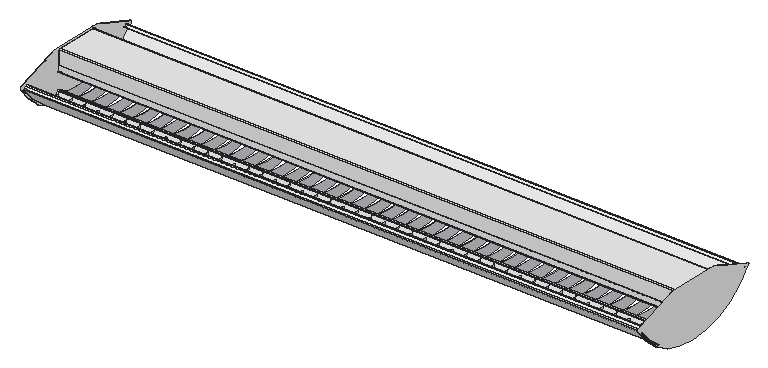
Revit family "LCBA46", category Lighting Fixtures, host Ceiling, Revit 2019
Family settings
  Host = Ceiling
  Round Connector Dimension = Use Diameter
  Part Type = Normal
  OmniClass Number = 23.80.70.11.14.17
  OmniClass Title = Direct/Indirect
  Always vertical = Yes
  Cut with Voids When Loaded = No
  Light Source = Yes
  Shared = No
  Room Calculation Point = No
Parameters (values of type "LCBA46-LED840K035LUNV")
  Width = 0' - 10 1/4"
  Wattage = 32 W
  built-in parameter 1150110 = 1 (stored number, unit not read)
  Voltage = 120 V
  URL = "https://www.viscor.com/en/products/lcba"
  built-in parameter 1114217 = 0.9 (stored number, unit not read)
  Tilt Angle = 180.00°  # constant formula
  built-in parameter 1150109 = 1 (stored number, unit not read)
  built-in parameter 1150134 = 12
  built-in parameter 1150113 = 1 (stored number, unit not read)
  Photometric Web File = "LCBA46-LED840K035LUNV.IES"
  Model = "LCBA"  # constant formula
  Manufacturer = "VISIONEERING by VISCOR"  # constant formula
  Lumens = 3648 lm
  built-in parameter 1150115 = 1 (stored number, unit not read)
  built-in parameter 1150105 = 290.3 (stored number, unit not read)
  built-in parameter 1150137 = (empty or 0)
  built-in parameter 1150139 = (empty or 0)
  Lens Finish Bottom = Acrylic - Viscor - White Opal
  Length = 3' - 10 1/8"
  Lamp Wattage = 32 VA
  built-in parameter 1150112 = 1 (stored number, unit not read)
  built-in parameter 1150114 = 1 (stored number, unit not read)
  Lamp = "LED"  # constant formula
  built-in parameter 1150132 = (empty or 0)
  built-in parameter 1150102 = (empty or 0)
  built-in parameter 1150138 = (empty or 0)
  built-in parameter 1150107 = 4000 (stored number, unit not read)
  built-in parameter 1150106 = 2.903 (stored number, unit not read)
  Housing Finish = Metal - Viscor - White
  Emit from Line Length = Length  # 3' - 10 1/8"
  built-in parameter 1150104 = 10.591 (stored number, unit not read)
  Dimming Lamp Color Temperature Shift = <None>
  Description = "LED Commercial Basket A"  # constant formula
  Color Filter = 16777215
  built-in parameter 1114218 = 1 (stored number, unit not read)
  built-in parameter 1150133 = 10 (stored number, unit not read)
  Assembly Code = "D5020200"
  Apparent Load = Lamp Wattage  # 32 VA
Reference planes (in)
  plane 1 "Light Source Axis (F/B)": y = 0
  plane 2 "Ceiling": z = 96
  plane 3 "Light Source Axis (L/R)": x = 0
  plane 4 "Light Source Elevation": z = 71.875
  plane 5: x = -23.0625
  plane 6: x = 23.0625
  plane 7: y = 5.125
  plane 8: y = -5.125
  plane 9: x = -23.03125
  plane 10: x = 23.03125
  plane 11: x = -23
  plane 12: x = 23
  plane 13 "Start of Divider": x = 22.872
  plane 14: x = -22.871
Forms (in)
  Extrusion 1, solid, material "Metal - Viscor - White" <- "Housing Finish"
    sketch origin (0, 0, 0) x (0, 1, 0) y (0, 0, 1)
      loop
        line (5.06335, 74.73874) -> (2.37456, 75.72228)
        arc (2.37456, 75.72228) -> (2.03638, 75.81334) -> (1.6875, 75.844) r 2
        line (1.6875, 75.844) -> (-1.6875, 75.844)
        arc (-1.6875, 75.844) -> (-2.03638, 75.81334) -> (-2.37456, 75.72228) r 2
        line (-2.37456, 75.72228) -> (-5.06335, 74.73874)
        arc (-5.06335, 74.73874) -> (-5.13905, 74.66071) -> (-5.125, 74.5529) r 0.125
        arc (-5.125, 74.5529) -> (0, 71.782) -> (5.125, 74.5529) r 6.125
        arc (5.125, 74.5529) -> (5.13905, 74.66071) -> (5.06335, 74.73874) r 0.125
    from 23.03125 to 23.0625
  Extrusion 2, solid, material "Metal - Viscor - White" <- "Housing Finish"
    sketch origin (0, 0, 0) x (0, 1, 0) y (0, 0, -1)
      loop
        arc (5.06335, -74.73874) -> (5.13905, -74.66071) -> (5.125, -74.5529) r 0.125
        arc (5.125, -74.5529) -> (0, -71.782) -> (-5.125, -74.5529) r 6.125
        arc (-5.125, -74.5529) -> (-5.13905, -74.66071) -> (-5.06335, -74.73874) r 0.125
        line (-5.06335, -74.73874) -> (-2.37456, -75.72228)
        arc (-2.37456, -75.72228) -> (-2.03638, -75.81334) -> (-1.6875, -75.844) r 2
        line (-1.6875, -75.844) -> (1.6875, -75.844)
        arc (1.6875, -75.844) -> (2.03638, -75.81334) -> (2.37456, -75.72228) r 2
        line (2.37456, -75.72228) -> (5.06335, -74.73874)
    from 23.03125 to 23.0625
  Extrusion 3, solid, material "Metal - Viscor - White" <- "Housing Finish"
    sketch origin (0, 0, 0) x (0, 1, 0) y (0, 0, 1)
      loop
        line (1.73473, 73.07819) -> (1.58208, 73.04975) -> (1.58781, 73.01903) -> (1.74044, 73.04753)
        arc (1.74044, 73.04753) -> (1.76608, 73.04319) -> (1.78281, 73.02328) r 0.03771
        arc (1.78281, 73.02328) -> (1.90961, 72.67661) -> (2.04199, 72.33203) r 22.82243
        arc (2.04199, 72.33203) -> (2.0801, 72.29314) -> (2.13454, 72.29314) r 0.07026
        arc (2.13454, 72.29314) -> (3.65839, 73.1434) -> (4.85285, 74.41553) r 5.68925
        line (4.85285, 74.41553) -> (4.88773, 74.46651)
        arc (4.88773, 74.46651) -> (4.89929, 74.5161) -> (4.87432, 74.56048) r 0.07025
        line (4.87432, 74.56048) -> (4.71936, 74.68765)
        arc (4.71936, 74.68765) -> (4.68015, 74.70339) -> (4.63901, 74.69379) r 0.07025
        line (4.63901, 74.69379) -> (4.43792, 74.57475) -> (4.45383, 74.54786) -> (4.65493, 74.6669)
        arc (4.65493, 74.6669) -> (4.67777, 74.67223) -> (4.69953, 74.66349) r 0.039
        line (4.69953, 74.66349) -> (4.85449, 74.53632)
        arc (4.85449, 74.53632) -> (4.86836, 74.51169) -> (4.86194, 74.48415) r 0.039
        line (4.86194, 74.48415) -> (4.82706, 74.43317)
        arc (4.82706, 74.43317) -> (3.63876, 73.16772) -> (2.12272, 72.32209) r 5.658
        arc (2.12272, 72.32209) -> (2.09232, 72.32193) -> (2.07103, 72.34364) r 0.039
        arc (2.07103, 72.34364) -> (1.93876, 72.68793) -> (1.81207, 73.03432) r 22.79117
        arc (1.81207, 73.03432) -> (1.78141, 73.07037) -> (1.73473, 73.07819) r 0.069
    from -23.03125 to 23.03125
  Extrusion 4, solid, material "Metal - Viscor - White" <- "Housing Finish"
    sketch origin (0, 0, 0) x (0, 1, 0) y (0, 0, 1)
      loop
        arc (-4.87352, 74.55951) -> (-4.89741, 74.51969) -> (-4.89066, 74.47375) r 0.069
        arc (-4.89066, 74.47375) -> (-3.68477, 73.16571) -> (-2.13376, 72.29419) r 5.688
        arc (-2.13376, 72.29419) -> (-2.08037, 72.29441) -> (-2.04312, 72.33266) r 0.069
        arc (-2.04312, 72.33266) -> (-1.91079, 72.67708) -> (-1.78402, 73.02368) r 22.82117
        arc (-1.78402, 73.02368) -> (-1.76486, 73.04539) -> (-1.73602, 73.04791) r 0.039
        line (-1.73602, 73.04791) -> (-1.58758, 73.02026) -> (-1.58185, 73.05098) -> (-1.72886, 73.07837)
        arc (-1.72886, 73.07837) -> (-1.77982, 73.07284) -> (-1.81346, 73.03417) r 0.07025
        arc (-1.81346, 73.03417) -> (-1.94005, 72.68805) -> (-2.07222, 72.34403) r 22.78992
        arc (-2.07222, 72.34403) -> (-2.09281, 72.32307) -> (-2.12226, 72.32325) r 0.03775
        arc (-2.12226, 72.32325) -> (-3.66044, 73.18632) -> (-4.85804, 74.48118) r 5.65675
        arc (-4.85804, 74.48118) -> (-4.86738, 74.50919) -> (-4.8537, 74.53535) r 0.03775
        line (-4.8537, 74.53535) -> (-4.69874, 74.66252)
        arc (-4.69874, 74.66252) -> (-4.67767, 74.67098) -> (-4.65556, 74.66583) r 0.03775
        line (-4.65556, 74.66583) -> (-4.45447, 74.54678) -> (-4.43855, 74.57368) -> (-4.63964, 74.69272)
        arc (-4.63964, 74.69272) -> (-4.68006, 74.70214) -> (-4.71857, 74.68668) r 0.069
        line (-4.71857, 74.68668) -> (-4.87352, 74.55951)
    from -23.03125 to 23.03125
  Extrusion 5, solid, material "Metal - Viscor - White" <- "Housing Finish"
    sketch origin (0, 0, 0) x (0, 1, 0) y (0, 0, 1)
      loop
        line (1.556, 75.782) -> (-1.556, 75.782)
        arc (-1.556, 75.782) -> (-1.60479, 75.76179) -> (-1.625, 75.713) r 0.069
        line (-1.625, 75.713) -> (-1.625, 74.251) -> (-1.59375, 74.251) -> (-1.59375, 75.713)
        arc (-1.59375, 75.713) -> (-1.58269, 75.73969) -> (-1.556, 75.75075) r 0.03775
        line (-1.556, 75.75075) -> (1.556, 75.75075)
        arc (1.556, 75.75075) -> (1.58269, 75.73969) -> (1.59375, 75.713) r 0.03775
        line (1.59375, 75.713) -> (1.59375, 74.251) -> (1.625, 74.251) -> (1.625, 75.713)
        arc (1.625, 75.713) -> (1.60479, 75.76179) -> (1.556, 75.782) r 0.069
    from -23.03125 to 23.03125
  Extrusion 6, solid
    sketch origin (0, 0, 0) x (0, 1, 0) y (0, 0, 1)
      loop
        line (1.59375, 74.251) -> (1.59375, 75.713)
        arc (1.59375, 75.713) -> (1.58269, 75.73969) -> (1.556, 75.75075) r 0.03775
        line (1.556, 75.75075) -> (-1.556, 75.75075)
        arc (-1.556, 75.75075) -> (-1.58269, 75.73969) -> (-1.59375, 75.713) r 0.03775
        line (-1.59375, 75.713) -> (-1.59375, 74.251) -> (1.59375, 74.251)
    from 23 to 23.03125
  Extrusion 7, solid, material "Metal - Viscor - White" <- "Housing Finish"
    sketch origin (0, 0, 0) x (0, 1, 0) y (0, 0, -1)
      loop
        line (1.59375, -74.251) -> (-1.59375, -74.251) -> (-1.59375, -75.713)
        arc (-1.59375, -75.713) -> (-1.58269, -75.73969) -> (-1.556, -75.75075) r 0.03775
        line (-1.556, -75.75075) -> (1.556, -75.75075)
        arc (1.556, -75.75075) -> (1.58269, -75.73969) -> (1.59375, -75.713) r 0.03775
        line (1.59375, -75.713) -> (1.59375, -74.251)
    from 23 to 23.03125
  Extrusion 8, solid, material "Metal - Viscor - White" <- "Housing Finish"
    sketch origin (0, 0, 0) x (0, 1, 0) y (0, 0, 1)
      loop
        arc (1.6575, 74.29) -> (1.64608, 74.26242) -> (1.6185, 74.251) r 0.039
        line (1.6185, 74.251) -> (-1.6185, 74.251)
        arc (-1.6185, 74.251) -> (-1.64608, 74.26242) -> (-1.6575, 74.29) r 0.039
        line (-1.6575, 74.29) -> (-1.6575, 74.721) -> (-1.68875, 74.721) -> (-1.68875, 74.29)
        arc (-1.68875, 74.29) -> (-1.66817, 74.24033) -> (-1.6185, 74.21975) r 0.07025
        line (-1.6185, 74.21975) -> (1.6185, 74.21975)
        arc (1.6185, 74.21975) -> (1.66817, 74.24033) -> (1.68875, 74.29) r 0.07025
        line (1.68875, 74.29) -> (1.68875, 74.721) -> (1.6575, 74.721) -> (1.6575, 74.29)
    from -23 to 23
  Extrusion 9, solid
    sketch origin (0, 0, 0) x (0, 1, 0) y (0, 0, 1)
      loop
        line (1.90213, 72.88295) -> (1.84484, 72.86147) -> (1.81268, 72.94364)
        arc (1.81268, 72.94364) -> (-0.00072, 72.65579) -> (-1.81406, 72.94408) r 5.85148
        line (-1.81406, 72.94408) -> (-1.84484, 72.86147) -> (-1.90362, 72.88351)
        arc (-1.90362, 72.88351) -> (-1.99875, 72.88023) -> (-2.06363, 72.81059) r 0.12422
        line (-2.06363, 72.81059) -> (-2.1814, 72.49647)
        arc (-2.1814, 72.49647) -> (-2.17546, 72.44135) -> (-2.12767, 72.41325) r 0.0617
        line (-2.12767, 72.41325) -> (-2.01335, 72.41202) -> (-2.05986, 72.27994)
        arc (-2.05986, 72.27994) -> (0.00142, 71.9068) -> (2.06251, 72.28094) r 5.872
        line (2.06251, 72.28094) -> (2.01335, 72.41202) -> (2.1241, 72.41309)
        arc (2.1241, 72.41309) -> (2.17511, 72.4409) -> (2.18051, 72.49874) r 0.0618
        line (2.18051, 72.49874) -> (2.06311, 72.81193)
        arc (2.06311, 72.81193) -> (1.99756, 72.88131) -> (1.90213, 72.88295) r 0.12304
    from 22.84 to 22.872
  Extrusion 10, solid
    sketch origin (-45.75, 0, 0) x (0, 1, 0) y (0, 0, 1)
      loop
        line (1.90213, 72.88295) -> (1.84484, 72.86147) -> (1.81268, 72.94364)
        arc (1.81268, 72.94364) -> (-0.00072, 72.65579) -> (-1.81406, 72.94408) r 5.85148
        line (-1.81406, 72.94408) -> (-1.84484, 72.86147) -> (-1.90362, 72.88351)
        arc (-1.90362, 72.88351) -> (-1.99875, 72.88023) -> (-2.06363, 72.81059) r 0.12422
        line (-2.06363, 72.81059) -> (-2.1814, 72.49647)
        arc (-2.1814, 72.49647) -> (-2.17546, 72.44135) -> (-2.12767, 72.41325) r 0.0617
        line (-2.12767, 72.41325) -> (-2.01335, 72.41202) -> (-2.05986, 72.27994)
        arc (-2.05986, 72.27994) -> (0.00142, 71.9068) -> (2.06251, 72.28094) r 5.872
        line (2.06251, 72.28094) -> (2.01335, 72.41202) -> (2.1241, 72.41309)
        arc (2.1241, 72.41309) -> (2.17511, 72.4409) -> (2.18051, 72.49874) r 0.0618
        line (2.18051, 72.49874) -> (2.06311, 72.81193)
        arc (2.06311, 72.81193) -> (1.99756, 72.88131) -> (1.90213, 72.88295) r 0.12304
    from 22.84 to 22.872
  Extrusion 11, solid
    sketch origin (-1.01667, 0, 0) x (0, 1, 0) y (0, 0, 1)
      loop
        line (1.90213, 72.88295) -> (1.84484, 72.86147) -> (1.81268, 72.94364)
        arc (1.81268, 72.94364) -> (-0.00072, 72.65579) -> (-1.81406, 72.94408) r 5.85148
        line (-1.81406, 72.94408) -> (-1.84484, 72.86147) -> (-1.90362, 72.88351)
        arc (-1.90362, 72.88351) -> (-1.99875, 72.88023) -> (-2.06363, 72.81059) r 0.12422
        line (-2.06363, 72.81059) -> (-2.1814, 72.49647)
        arc (-2.1814, 72.49647) -> (-2.17546, 72.44135) -> (-2.12767, 72.41325) r 0.0617
        line (-2.12767, 72.41325) -> (-2.01335, 72.41202) -> (-2.05986, 72.27994)
        arc (-2.05986, 72.27994) -> (0.00142, 71.9068) -> (2.06251, 72.28094) r 5.872
        line (2.06251, 72.28094) -> (2.01335, 72.41202) -> (2.1241, 72.41309)
        arc (2.1241, 72.41309) -> (2.17511, 72.4409) -> (2.18051, 72.49874) r 0.0618
        line (2.18051, 72.49874) -> (2.06311, 72.81193)
        arc (2.06311, 72.81193) -> (1.99756, 72.88131) -> (1.90213, 72.88295) r 0.12304
    from 22.84 to 22.872
  Extrusion 12, solid
    sketch origin (-2.03333, 0, 0) x (0, 1, 0) y (0, 0, 1)
      loop
        line (1.90213, 72.88295) -> (1.84484, 72.86147) -> (1.81268, 72.94364)
        arc (1.81268, 72.94364) -> (-0.00072, 72.65579) -> (-1.81406, 72.94408) r 5.85148
        line (-1.81406, 72.94408) -> (-1.84484, 72.86147) -> (-1.90362, 72.88351)
        arc (-1.90362, 72.88351) -> (-1.99875, 72.88023) -> (-2.06363, 72.81059) r 0.12422
        line (-2.06363, 72.81059) -> (-2.1814, 72.49647)
        arc (-2.1814, 72.49647) -> (-2.17546, 72.44135) -> (-2.12767, 72.41325) r 0.0617
        line (-2.12767, 72.41325) -> (-2.01335, 72.41202) -> (-2.05986, 72.27994)
        arc (-2.05986, 72.27994) -> (0.00142, 71.9068) -> (2.06251, 72.28094) r 5.872
        line (2.06251, 72.28094) -> (2.01335, 72.41202) -> (2.1241, 72.41309)
        arc (2.1241, 72.41309) -> (2.17511, 72.4409) -> (2.18051, 72.49874) r 0.0618
        line (2.18051, 72.49874) -> (2.06311, 72.81193)
        arc (2.06311, 72.81193) -> (1.99756, 72.88131) -> (1.90213, 72.88295) r 0.12304
    from 22.84 to 22.872
  Extrusion 13, solid
    sketch origin (-3.05, 0, 0) x (0, 1, 0) y (0, 0, 1)
      loop
        line (1.90213, 72.88295) -> (1.84484, 72.86147) -> (1.81268, 72.94364)
        arc (1.81268, 72.94364) -> (-0.00072, 72.65579) -> (-1.81406, 72.94408) r 5.85148
        line (-1.81406, 72.94408) -> (-1.84484, 72.86147) -> (-1.90362, 72.88351)
        arc (-1.90362, 72.88351) -> (-1.99875, 72.88023) -> (-2.06363, 72.81059) r 0.12422
        line (-2.06363, 72.81059) -> (-2.1814, 72.49647)
        arc (-2.1814, 72.49647) -> (-2.17546, 72.44135) -> (-2.12767, 72.41325) r 0.0617
        line (-2.12767, 72.41325) -> (-2.01335, 72.41202) -> (-2.05986, 72.27994)
        arc (-2.05986, 72.27994) -> (0.00142, 71.9068) -> (2.06251, 72.28094) r 5.872
        line (2.06251, 72.28094) -> (2.01335, 72.41202) -> (2.1241, 72.41309)
        arc (2.1241, 72.41309) -> (2.17511, 72.4409) -> (2.18051, 72.49874) r 0.0618
        line (2.18051, 72.49874) -> (2.06311, 72.81193)
        arc (2.06311, 72.81193) -> (1.99756, 72.88131) -> (1.90213, 72.88295) r 0.12304
    from 22.84 to 22.872
  Extrusion 14, solid
    sketch origin (-4.06667, 0, 0) x (0, 1, 0) y (0, 0, 1)
      loop
        line (1.90213, 72.88295) -> (1.84484, 72.86147) -> (1.81268, 72.94364)
        arc (1.81268, 72.94364) -> (-0.00072, 72.65579) -> (-1.81406, 72.94408) r 5.85148
        line (-1.81406, 72.94408) -> (-1.84484, 72.86147) -> (-1.90362, 72.88351)
        arc (-1.90362, 72.88351) -> (-1.99875, 72.88023) -> (-2.06363, 72.81059) r 0.12422
        line (-2.06363, 72.81059) -> (-2.1814, 72.49647)
        arc (-2.1814, 72.49647) -> (-2.17546, 72.44135) -> (-2.12767, 72.41325) r 0.0617
        line (-2.12767, 72.41325) -> (-2.01335, 72.41202) -> (-2.05986, 72.27994)
        arc (-2.05986, 72.27994) -> (0.00142, 71.9068) -> (2.06251, 72.28094) r 5.872
        line (2.06251, 72.28094) -> (2.01335, 72.41202) -> (2.1241, 72.41309)
        arc (2.1241, 72.41309) -> (2.17511, 72.4409) -> (2.18051, 72.49874) r 0.0618
        line (2.18051, 72.49874) -> (2.06311, 72.81193)
        arc (2.06311, 72.81193) -> (1.99756, 72.88131) -> (1.90213, 72.88295) r 0.12304
    from 22.84 to 22.872
  Extrusion 15, solid
    sketch origin (-5.08333, 0, 0) x (0, 1, 0) y (0, 0, 1)
      loop
        line (1.90213, 72.88295) -> (1.84484, 72.86147) -> (1.81268, 72.94364)
        arc (1.81268, 72.94364) -> (-0.00072, 72.65579) -> (-1.81406, 72.94408) r 5.85148
        line (-1.81406, 72.94408) -> (-1.84484, 72.86147) -> (-1.90362, 72.88351)
        arc (-1.90362, 72.88351) -> (-1.99875, 72.88023) -> (-2.06363, 72.81059) r 0.12422
        line (-2.06363, 72.81059) -> (-2.1814, 72.49647)
        arc (-2.1814, 72.49647) -> (-2.17546, 72.44135) -> (-2.12767, 72.41325) r 0.0617
        line (-2.12767, 72.41325) -> (-2.01335, 72.41202) -> (-2.05986, 72.27994)
        arc (-2.05986, 72.27994) -> (0.00142, 71.9068) -> (2.06251, 72.28094) r 5.872
        line (2.06251, 72.28094) -> (2.01335, 72.41202) -> (2.1241, 72.41309)
        arc (2.1241, 72.41309) -> (2.17511, 72.4409) -> (2.18051, 72.49874) r 0.0618
        line (2.18051, 72.49874) -> (2.06311, 72.81193)
        arc (2.06311, 72.81193) -> (1.99756, 72.88131) -> (1.90213, 72.88295) r 0.12304
    from 22.84 to 22.872
  Extrusion 16, solid
    sketch origin (-6.1, 0, 0) x (0, 1, 0) y (0, 0, 1)
      loop
        line (1.90213, 72.88295) -> (1.84484, 72.86147) -> (1.81268, 72.94364)
        arc (1.81268, 72.94364) -> (-0.00072, 72.65579) -> (-1.81406, 72.94408) r 5.85148
        line (-1.81406, 72.94408) -> (-1.84484, 72.86147) -> (-1.90362, 72.88351)
        arc (-1.90362, 72.88351) -> (-1.99875, 72.88023) -> (-2.06363, 72.81059) r 0.12422
        line (-2.06363, 72.81059) -> (-2.1814, 72.49647)
        arc (-2.1814, 72.49647) -> (-2.17546, 72.44135) -> (-2.12767, 72.41325) r 0.0617
        line (-2.12767, 72.41325) -> (-2.01335, 72.41202) -> (-2.05986, 72.27994)
        arc (-2.05986, 72.27994) -> (0.00142, 71.9068) -> (2.06251, 72.28094) r 5.872
        line (2.06251, 72.28094) -> (2.01335, 72.41202) -> (2.1241, 72.41309)
        arc (2.1241, 72.41309) -> (2.17511, 72.4409) -> (2.18051, 72.49874) r 0.0618
        line (2.18051, 72.49874) -> (2.06311, 72.81193)
        arc (2.06311, 72.81193) -> (1.99756, 72.88131) -> (1.90213, 72.88295) r 0.12304
    from 22.84 to 22.872
  Extrusion 17, solid
    sketch origin (-7.11667, 0, 0) x (0, 1, 0) y (0, 0, 1)
      loop
        line (1.90213, 72.88295) -> (1.84484, 72.86147) -> (1.81268, 72.94364)
        arc (1.81268, 72.94364) -> (-0.00072, 72.65579) -> (-1.81406, 72.94408) r 5.85148
        line (-1.81406, 72.94408) -> (-1.84484, 72.86147) -> (-1.90362, 72.88351)
        arc (-1.90362, 72.88351) -> (-1.99875, 72.88023) -> (-2.06363, 72.81059) r 0.12422
        line (-2.06363, 72.81059) -> (-2.1814, 72.49647)
        arc (-2.1814, 72.49647) -> (-2.17546, 72.44135) -> (-2.12767, 72.41325) r 0.0617
        line (-2.12767, 72.41325) -> (-2.01335, 72.41202) -> (-2.05986, 72.27994)
        arc (-2.05986, 72.27994) -> (0.00142, 71.9068) -> (2.06251, 72.28094) r 5.872
        line (2.06251, 72.28094) -> (2.01335, 72.41202) -> (2.1241, 72.41309)
        arc (2.1241, 72.41309) -> (2.17511, 72.4409) -> (2.18051, 72.49874) r 0.0618
        line (2.18051, 72.49874) -> (2.06311, 72.81193)
        arc (2.06311, 72.81193) -> (1.99756, 72.88131) -> (1.90213, 72.88295) r 0.12304
    from 22.84 to 22.872
  Extrusion 18, solid
    sketch origin (-8.13333, 0, 0) x (0, 1, 0) y (0, 0, 1)
      loop
        line (1.90213, 72.88295) -> (1.84484, 72.86147) -> (1.81268, 72.94364)
        arc (1.81268, 72.94364) -> (-0.00072, 72.65579) -> (-1.81406, 72.94408) r 5.85148
        line (-1.81406, 72.94408) -> (-1.84484, 72.86147) -> (-1.90362, 72.88351)
        arc (-1.90362, 72.88351) -> (-1.99875, 72.88023) -> (-2.06363, 72.81059) r 0.12422
        line (-2.06363, 72.81059) -> (-2.1814, 72.49647)
        arc (-2.1814, 72.49647) -> (-2.17546, 72.44135) -> (-2.12767, 72.41325) r 0.0617
        line (-2.12767, 72.41325) -> (-2.01335, 72.41202) -> (-2.05986, 72.27994)
        arc (-2.05986, 72.27994) -> (0.00142, 71.9068) -> (2.06251, 72.28094) r 5.872
        line (2.06251, 72.28094) -> (2.01335, 72.41202) -> (2.1241, 72.41309)
        arc (2.1241, 72.41309) -> (2.17511, 72.4409) -> (2.18051, 72.49874) r 0.0618
        line (2.18051, 72.49874) -> (2.06311, 72.81193)
        arc (2.06311, 72.81193) -> (1.99756, 72.88131) -> (1.90213, 72.88295) r 0.12304
    from 22.84 to 22.872
  Extrusion 19, solid
    sketch origin (-9.15, 0, 0) x (0, 1, 0) y (0, 0, 1)
      loop
        line (1.90213, 72.88295) -> (1.84484, 72.86147) -> (1.81268, 72.94364)
        arc (1.81268, 72.94364) -> (-0.00072, 72.65579) -> (-1.81406, 72.94408) r 5.85148
        line (-1.81406, 72.94408) -> (-1.84484, 72.86147) -> (-1.90362, 72.88351)
        arc (-1.90362, 72.88351) -> (-1.99875, 72.88023) -> (-2.06363, 72.81059) r 0.12422
        line (-2.06363, 72.81059) -> (-2.1814, 72.49647)
        arc (-2.1814, 72.49647) -> (-2.17546, 72.44135) -> (-2.12767, 72.41325) r 0.0617
        line (-2.12767, 72.41325) -> (-2.01335, 72.41202) -> (-2.05986, 72.27994)
        arc (-2.05986, 72.27994) -> (0.00142, 71.9068) -> (2.06251, 72.28094) r 5.872
        line (2.06251, 72.28094) -> (2.01335, 72.41202) -> (2.1241, 72.41309)
        arc (2.1241, 72.41309) -> (2.17511, 72.4409) -> (2.18051, 72.49874) r 0.0618
        line (2.18051, 72.49874) -> (2.06311, 72.81193)
        arc (2.06311, 72.81193) -> (1.99756, 72.88131) -> (1.90213, 72.88295) r 0.12304
    from 22.84 to 22.872
  Extrusion 20, solid
    sketch origin (-10.16667, 0, 0) x (0, 1, 0) y (0, 0, 1)
      loop
        line (1.90213, 72.88295) -> (1.84484, 72.86147) -> (1.81268, 72.94364)
        arc (1.81268, 72.94364) -> (-0.00072, 72.65579) -> (-1.81406, 72.94408) r 5.85148
        line (-1.81406, 72.94408) -> (-1.84484, 72.86147) -> (-1.90362, 72.88351)
        arc (-1.90362, 72.88351) -> (-1.99875, 72.88023) -> (-2.06363, 72.81059) r 0.12422
        line (-2.06363, 72.81059) -> (-2.1814, 72.49647)
        arc (-2.1814, 72.49647) -> (-2.17546, 72.44135) -> (-2.12767, 72.41325) r 0.0617
        line (-2.12767, 72.41325) -> (-2.01335, 72.41202) -> (-2.05986, 72.27994)
        arc (-2.05986, 72.27994) -> (0.00142, 71.9068) -> (2.06251, 72.28094) r 5.872
        line (2.06251, 72.28094) -> (2.01335, 72.41202) -> (2.1241, 72.41309)
        arc (2.1241, 72.41309) -> (2.17511, 72.4409) -> (2.18051, 72.49874) r 0.0618
        line (2.18051, 72.49874) -> (2.06311, 72.81193)
        arc (2.06311, 72.81193) -> (1.99756, 72.88131) -> (1.90213, 72.88295) r 0.12304
    from 22.84 to 22.872
  Extrusion 21, solid
    sketch origin (-11.18333, 0, 0) x (0, 1, 0) y (0, 0, 1)
      loop
        line (1.90213, 72.88295) -> (1.84484, 72.86147) -> (1.81268, 72.94364)
        arc (1.81268, 72.94364) -> (-0.00072, 72.65579) -> (-1.81406, 72.94408) r 5.85148
        line (-1.81406, 72.94408) -> (-1.84484, 72.86147) -> (-1.90362, 72.88351)
        arc (-1.90362, 72.88351) -> (-1.99875, 72.88023) -> (-2.06363, 72.81059) r 0.12422
        line (-2.06363, 72.81059) -> (-2.1814, 72.49647)
        arc (-2.1814, 72.49647) -> (-2.17546, 72.44135) -> (-2.12767, 72.41325) r 0.0617
        line (-2.12767, 72.41325) -> (-2.01335, 72.41202) -> (-2.05986, 72.27994)
        arc (-2.05986, 72.27994) -> (0.00142, 71.9068) -> (2.06251, 72.28094) r 5.872
        line (2.06251, 72.28094) -> (2.01335, 72.41202) -> (2.1241, 72.41309)
        arc (2.1241, 72.41309) -> (2.17511, 72.4409) -> (2.18051, 72.49874) r 0.0618
        line (2.18051, 72.49874) -> (2.06311, 72.81193)
        arc (2.06311, 72.81193) -> (1.99756, 72.88131) -> (1.90213, 72.88295) r 0.12304
    from 22.84 to 22.872
  Extrusion 22, solid
    sketch origin (-12.2, 0, 0) x (0, 1, 0) y (0, 0, 1)
      loop
        line (1.90213, 72.88295) -> (1.84484, 72.86147) -> (1.81268, 72.94364)
        arc (1.81268, 72.94364) -> (-0.00072, 72.65579) -> (-1.81406, 72.94408) r 5.85148
        line (-1.81406, 72.94408) -> (-1.84484, 72.86147) -> (-1.90362, 72.88351)
        arc (-1.90362, 72.88351) -> (-1.99875, 72.88023) -> (-2.06363, 72.81059) r 0.12422
        line (-2.06363, 72.81059) -> (-2.1814, 72.49647)
        arc (-2.1814, 72.49647) -> (-2.17546, 72.44135) -> (-2.12767, 72.41325) r 0.0617
        line (-2.12767, 72.41325) -> (-2.01335, 72.41202) -> (-2.05986, 72.27994)
        arc (-2.05986, 72.27994) -> (0.00142, 71.9068) -> (2.06251, 72.28094) r 5.872
        line (2.06251, 72.28094) -> (2.01335, 72.41202) -> (2.1241, 72.41309)
        arc (2.1241, 72.41309) -> (2.17511, 72.4409) -> (2.18051, 72.49874) r 0.0618
        line (2.18051, 72.49874) -> (2.06311, 72.81193)
        arc (2.06311, 72.81193) -> (1.99756, 72.88131) -> (1.90213, 72.88295) r 0.12304
    from 22.84 to 22.872
  Extrusion 23, solid
    sketch origin (-13.21667, 0, 0) x (0, 1, 0) y (0, 0, 1)
      loop
        line (1.90213, 72.88295) -> (1.84484, 72.86147) -> (1.81268, 72.94364)
        arc (1.81268, 72.94364) -> (-0.00072, 72.65579) -> (-1.81406, 72.94408) r 5.85148
        line (-1.81406, 72.94408) -> (-1.84484, 72.86147) -> (-1.90362, 72.88351)
        arc (-1.90362, 72.88351) -> (-1.99875, 72.88023) -> (-2.06363, 72.81059) r 0.12422
        line (-2.06363, 72.81059) -> (-2.1814, 72.49647)
        arc (-2.1814, 72.49647) -> (-2.17546, 72.44135) -> (-2.12767, 72.41325) r 0.0617
        line (-2.12767, 72.41325) -> (-2.01335, 72.41202) -> (-2.05986, 72.27994)
        arc (-2.05986, 72.27994) -> (0.00142, 71.9068) -> (2.06251, 72.28094) r 5.872
        line (2.06251, 72.28094) -> (2.01335, 72.41202) -> (2.1241, 72.41309)
        arc (2.1241, 72.41309) -> (2.17511, 72.4409) -> (2.18051, 72.49874) r 0.0618
        line (2.18051, 72.49874) -> (2.06311, 72.81193)
        arc (2.06311, 72.81193) -> (1.99756, 72.88131) -> (1.90213, 72.88295) r 0.12304
    from 22.84 to 22.872
  Extrusion 24, solid
    sketch origin (-14.23333, 0, 0) x (0, 1, 0) y (0, 0, 1)
      loop
        line (1.90213, 72.88295) -> (1.84484, 72.86147) -> (1.81268, 72.94364)
        arc (1.81268, 72.94364) -> (-0.00072, 72.65579) -> (-1.81406, 72.94408) r 5.85148
        line (-1.81406, 72.94408) -> (-1.84484, 72.86147) -> (-1.90362, 72.88351)
        arc (-1.90362, 72.88351) -> (-1.99875, 72.88023) -> (-2.06363, 72.81059) r 0.12422
        line (-2.06363, 72.81059) -> (-2.1814, 72.49647)
        arc (-2.1814, 72.49647) -> (-2.17546, 72.44135) -> (-2.12767, 72.41325) r 0.0617
        line (-2.12767, 72.41325) -> (-2.01335, 72.41202) -> (-2.05986, 72.27994)
        arc (-2.05986, 72.27994) -> (0.00142, 71.9068) -> (2.06251, 72.28094) r 5.872
        line (2.06251, 72.28094) -> (2.01335, 72.41202) -> (2.1241, 72.41309)
        arc (2.1241, 72.41309) -> (2.17511, 72.4409) -> (2.18051, 72.49874) r 0.0618
        line (2.18051, 72.49874) -> (2.06311, 72.81193)
        arc (2.06311, 72.81193) -> (1.99756, 72.88131) -> (1.90213, 72.88295) r 0.12304
    from 22.84 to 22.872
  Extrusion 25, solid
    sketch origin (-15.25, 0, 0) x (0, 1, 0) y (0, 0, 1)
      loop
        line (1.90213, 72.88295) -> (1.84484, 72.86147) -> (1.81268, 72.94364)
        arc (1.81268, 72.94364) -> (-0.00072, 72.65579) -> (-1.81406, 72.94408) r 5.85148
        line (-1.81406, 72.94408) -> (-1.84484, 72.86147) -> (-1.90362, 72.88351)
        arc (-1.90362, 72.88351) -> (-1.99875, 72.88023) -> (-2.06363, 72.81059) r 0.12422
        line (-2.06363, 72.81059) -> (-2.1814, 72.49647)
        arc (-2.1814, 72.49647) -> (-2.17546, 72.44135) -> (-2.12767, 72.41325) r 0.0617
        line (-2.12767, 72.41325) -> (-2.01335, 72.41202) -> (-2.05986, 72.27994)
        arc (-2.05986, 72.27994) -> (0.00142, 71.9068) -> (2.06251, 72.28094) r 5.872
        line (2.06251, 72.28094) -> (2.01335, 72.41202) -> (2.1241, 72.41309)
        arc (2.1241, 72.41309) -> (2.17511, 72.4409) -> (2.18051, 72.49874) r 0.0618
        line (2.18051, 72.49874) -> (2.06311, 72.81193)
        arc (2.06311, 72.81193) -> (1.99756, 72.88131) -> (1.90213, 72.88295) r 0.12304
    from 22.84 to 22.872
  Extrusion 26, solid
    sketch origin (-16.26667, 0, 0) x (0, 1, 0) y (0, 0, 1)
      loop
        line (1.90213, 72.88295) -> (1.84484, 72.86147) -> (1.81268, 72.94364)
        arc (1.81268, 72.94364) -> (-0.00072, 72.65579) -> (-1.81406, 72.94408) r 5.85148
        line (-1.81406, 72.94408) -> (-1.84484, 72.86147) -> (-1.90362, 72.88351)
        arc (-1.90362, 72.88351) -> (-1.99875, 72.88023) -> (-2.06363, 72.81059) r 0.12422
        line (-2.06363, 72.81059) -> (-2.1814, 72.49647)
        arc (-2.1814, 72.49647) -> (-2.17546, 72.44135) -> (-2.12767, 72.41325) r 0.0617
        line (-2.12767, 72.41325) -> (-2.01335, 72.41202) -> (-2.05986, 72.27994)
        arc (-2.05986, 72.27994) -> (0.00142, 71.9068) -> (2.06251, 72.28094) r 5.872
        line (2.06251, 72.28094) -> (2.01335, 72.41202) -> (2.1241, 72.41309)
        arc (2.1241, 72.41309) -> (2.17511, 72.4409) -> (2.18051, 72.49874) r 0.0618
        line (2.18051, 72.49874) -> (2.06311, 72.81193)
        arc (2.06311, 72.81193) -> (1.99756, 72.88131) -> (1.90213, 72.88295) r 0.12304
    from 22.84 to 22.872
  Extrusion 27, solid
    sketch origin (-17.28333, 0, 0) x (0, 1, 0) y (0, 0, 1)
      loop
        line (1.90213, 72.88295) -> (1.84484, 72.86147) -> (1.81268, 72.94364)
        arc (1.81268, 72.94364) -> (-0.00072, 72.65579) -> (-1.81406, 72.94408) r 5.85148
        line (-1.81406, 72.94408) -> (-1.84484, 72.86147) -> (-1.90362, 72.88351)
        arc (-1.90362, 72.88351) -> (-1.99875, 72.88023) -> (-2.06363, 72.81059) r 0.12422
        line (-2.06363, 72.81059) -> (-2.1814, 72.49647)
        arc (-2.1814, 72.49647) -> (-2.17546, 72.44135) -> (-2.12767, 72.41325) r 0.0617
        line (-2.12767, 72.41325) -> (-2.01335, 72.41202) -> (-2.05986, 72.27994)
        arc (-2.05986, 72.27994) -> (0.00142, 71.9068) -> (2.06251, 72.28094) r 5.872
        line (2.06251, 72.28094) -> (2.01335, 72.41202) -> (2.1241, 72.41309)
        arc (2.1241, 72.41309) -> (2.17511, 72.4409) -> (2.18051, 72.49874) r 0.0618
        line (2.18051, 72.49874) -> (2.06311, 72.81193)
        arc (2.06311, 72.81193) -> (1.99756, 72.88131) -> (1.90213, 72.88295) r 0.12304
    from 22.84 to 22.872
  Extrusion 28, solid
    sketch origin (-18.3, 0, 0) x (0, 1, 0) y (0, 0, 1)
      loop
        line (1.90213, 72.88295) -> (1.84484, 72.86147) -> (1.81268, 72.94364)
        arc (1.81268, 72.94364) -> (-0.00072, 72.65579) -> (-1.81406, 72.94408) r 5.85148
        line (-1.81406, 72.94408) -> (-1.84484, 72.86147) -> (-1.90362, 72.88351)
        arc (-1.90362, 72.88351) -> (-1.99875, 72.88023) -> (-2.06363, 72.81059) r 0.12422
        line (-2.06363, 72.81059) -> (-2.1814, 72.49647)
        arc (-2.1814, 72.49647) -> (-2.17546, 72.44135) -> (-2.12767, 72.41325) r 0.0617
        line (-2.12767, 72.41325) -> (-2.01335, 72.41202) -> (-2.05986, 72.27994)
        arc (-2.05986, 72.27994) -> (0.00142, 71.9068) -> (2.06251, 72.28094) r 5.872
        line (2.06251, 72.28094) -> (2.01335, 72.41202) -> (2.1241, 72.41309)
        arc (2.1241, 72.41309) -> (2.17511, 72.4409) -> (2.18051, 72.49874) r 0.0618
        line (2.18051, 72.49874) -> (2.06311, 72.81193)
        arc (2.06311, 72.81193) -> (1.99756, 72.88131) -> (1.90213, 72.88295) r 0.12304
    from 22.84 to 22.872
  Extrusion 29, solid
    sketch origin (-19.31667, 0, 0) x (0, 1, 0) y (0, 0, 1)
      loop
        line (1.90213, 72.88295) -> (1.84484, 72.86147) -> (1.81268, 72.94364)
        arc (1.81268, 72.94364) -> (-0.00072, 72.65579) -> (-1.81406, 72.94408) r 5.85148
        line (-1.81406, 72.94408) -> (-1.84484, 72.86147) -> (-1.90362, 72.88351)
        arc (-1.90362, 72.88351) -> (-1.99875, 72.88023) -> (-2.06363, 72.81059) r 0.12422
        line (-2.06363, 72.81059) -> (-2.1814, 72.49647)
        arc (-2.1814, 72.49647) -> (-2.17546, 72.44135) -> (-2.12767, 72.41325) r 0.0617
        line (-2.12767, 72.41325) -> (-2.01335, 72.41202) -> (-2.05986, 72.27994)
        arc (-2.05986, 72.27994) -> (0.00142, 71.9068) -> (2.06251, 72.28094) r 5.872
        line (2.06251, 72.28094) -> (2.01335, 72.41202) -> (2.1241, 72.41309)
        arc (2.1241, 72.41309) -> (2.17511, 72.4409) -> (2.18051, 72.49874) r 0.0618
        line (2.18051, 72.49874) -> (2.06311, 72.81193)
        arc (2.06311, 72.81193) -> (1.99756, 72.88131) -> (1.90213, 72.88295) r 0.12304
    from 22.84 to 22.872
  Extrusion 30, solid
    sketch origin (-20.33333, 0, 0) x (0, 1, 0) y (0, 0, 1)
      loop
        line (1.90213, 72.88295) -> (1.84484, 72.86147) -> (1.81268, 72.94364)
        arc (1.81268, 72.94364) -> (-0.00072, 72.65579) -> (-1.81406, 72.94408) r 5.85148
        line (-1.81406, 72.94408) -> (-1.84484, 72.86147) -> (-1.90362, 72.88351)
        arc (-1.90362, 72.88351) -> (-1.99875, 72.88023) -> (-2.06363, 72.81059) r 0.12422
        line (-2.06363, 72.81059) -> (-2.1814, 72.49647)
        arc (-2.1814, 72.49647) -> (-2.17546, 72.44135) -> (-2.12767, 72.41325) r 0.0617
        line (-2.12767, 72.41325) -> (-2.01335, 72.41202) -> (-2.05986, 72.27994)
        arc (-2.05986, 72.27994) -> (0.00142, 71.9068) -> (2.06251, 72.28094) r 5.872
        line (2.06251, 72.28094) -> (2.01335, 72.41202) -> (2.1241, 72.41309)
        arc (2.1241, 72.41309) -> (2.17511, 72.4409) -> (2.18051, 72.49874) r 0.0618
        line (2.18051, 72.49874) -> (2.06311, 72.81193)
        arc (2.06311, 72.81193) -> (1.99756, 72.88131) -> (1.90213, 72.88295) r 0.12304
    from 22.84 to 22.872
  Extrusion 31, solid
    sketch origin (-21.35, 0, 0) x (0, 1, 0) y (0, 0, 1)
      loop
        line (1.90213, 72.88295) -> (1.84484, 72.86147) -> (1.81268, 72.94364)
        arc (1.81268, 72.94364) -> (-0.00072, 72.65579) -> (-1.81406, 72.94408) r 5.85148
        line (-1.81406, 72.94408) -> (-1.84484, 72.86147) -> (-1.90362, 72.88351)
        arc (-1.90362, 72.88351) -> (-1.99875, 72.88023) -> (-2.06363, 72.81059) r 0.12422
        line (-2.06363, 72.81059) -> (-2.1814, 72.49647)
        arc (-2.1814, 72.49647) -> (-2.17546, 72.44135) -> (-2.12767, 72.41325) r 0.0617
        line (-2.12767, 72.41325) -> (-2.01335, 72.41202) -> (-2.05986, 72.27994)
        arc (-2.05986, 72.27994) -> (0.00142, 71.9068) -> (2.06251, 72.28094) r 5.872
        line (2.06251, 72.28094) -> (2.01335, 72.41202) -> (2.1241, 72.41309)
        arc (2.1241, 72.41309) -> (2.17511, 72.4409) -> (2.18051, 72.49874) r 0.0618
        line (2.18051, 72.49874) -> (2.06311, 72.81193)
        arc (2.06311, 72.81193) -> (1.99756, 72.88131) -> (1.90213, 72.88295) r 0.12304
    from 22.84 to 22.872
  Extrusion 32, solid
    sketch origin (-22.36667, 0, 0) x (0, 1, 0) y (0, 0, 1)
      loop
        line (1.90213, 72.88295) -> (1.84484, 72.86147) -> (1.81268, 72.94364)
        arc (1.81268, 72.94364) -> (-0.00072, 72.65579) -> (-1.81406, 72.94408) r 5.85148
        line (-1.81406, 72.94408) -> (-1.84484, 72.86147) -> (-1.90362, 72.88351)
        arc (-1.90362, 72.88351) -> (-1.99875, 72.88023) -> (-2.06363, 72.81059) r 0.12422
        line (-2.06363, 72.81059) -> (-2.1814, 72.49647)
        arc (-2.1814, 72.49647) -> (-2.17546, 72.44135) -> (-2.12767, 72.41325) r 0.0617
        line (-2.12767, 72.41325) -> (-2.01335, 72.41202) -> (-2.05986, 72.27994)
        arc (-2.05986, 72.27994) -> (0.00142, 71.9068) -> (2.06251, 72.28094) r 5.872
        line (2.06251, 72.28094) -> (2.01335, 72.41202) -> (2.1241, 72.41309)
        arc (2.1241, 72.41309) -> (2.17511, 72.4409) -> (2.18051, 72.49874) r 0.0618
        line (2.18051, 72.49874) -> (2.06311, 72.81193)
        arc (2.06311, 72.81193) -> (1.99756, 72.88131) -> (1.90213, 72.88295) r 0.12304
    from 22.84 to 22.872
  Extrusion 33, solid
    sketch origin (-23.38333, 0, 0) x (0, 1, 0) y (0, 0, 1)
      loop
        line (1.90213, 72.88295) -> (1.84484, 72.86147) -> (1.81268, 72.94364)
        arc (1.81268, 72.94364) -> (-0.00072, 72.65579) -> (-1.81406, 72.94408) r 5.85148
        line (-1.81406, 72.94408) -> (-1.84484, 72.86147) -> (-1.90362, 72.88351)
        arc (-1.90362, 72.88351) -> (-1.99875, 72.88023) -> (-2.06363, 72.81059) r 0.12422
        line (-2.06363, 72.81059) -> (-2.1814, 72.49647)
        arc (-2.1814, 72.49647) -> (-2.17546, 72.44135) -> (-2.12767, 72.41325) r 0.0617
        line (-2.12767, 72.41325) -> (-2.01335, 72.41202) -> (-2.05986, 72.27994)
        arc (-2.05986, 72.27994) -> (0.00142, 71.9068) -> (2.06251, 72.28094) r 5.872
        line (2.06251, 72.28094) -> (2.01335, 72.41202) -> (2.1241, 72.41309)
        arc (2.1241, 72.41309) -> (2.17511, 72.4409) -> (2.18051, 72.49874) r 0.0618
        line (2.18051, 72.49874) -> (2.06311, 72.81193)
        arc (2.06311, 72.81193) -> (1.99756, 72.88131) -> (1.90213, 72.88295) r 0.12304
    from 22.84 to 22.872
  Extrusion 34, solid
    sketch origin (-24.4, 0, 0) x (0, 1, 0) y (0, 0, 1)
      loop
        line (1.90213, 72.88295) -> (1.84484, 72.86147) -> (1.81268, 72.94364)
        arc (1.81268, 72.94364) -> (-0.00072, 72.65579) -> (-1.81406, 72.94408) r 5.85148
        line (-1.81406, 72.94408) -> (-1.84484, 72.86147) -> (-1.90362, 72.88351)
        arc (-1.90362, 72.88351) -> (-1.99875, 72.88023) -> (-2.06363, 72.81059) r 0.12422
        line (-2.06363, 72.81059) -> (-2.1814, 72.49647)
        arc (-2.1814, 72.49647) -> (-2.17546, 72.44135) -> (-2.12767, 72.41325) r 0.0617
        line (-2.12767, 72.41325) -> (-2.01335, 72.41202) -> (-2.05986, 72.27994)
        arc (-2.05986, 72.27994) -> (0.00142, 71.9068) -> (2.06251, 72.28094) r 5.872
        line (2.06251, 72.28094) -> (2.01335, 72.41202) -> (2.1241, 72.41309)
        arc (2.1241, 72.41309) -> (2.17511, 72.4409) -> (2.18051, 72.49874) r 0.0618
        line (2.18051, 72.49874) -> (2.06311, 72.81193)
        arc (2.06311, 72.81193) -> (1.99756, 72.88131) -> (1.90213, 72.88295) r 0.12304
    from 22.84 to 22.872
  Extrusion 35, solid
    sketch origin (-25.41667, 0, 0) x (0, 1, 0) y (0, 0, 1)
      loop
        line (1.90213, 72.88295) -> (1.84484, 72.86147) -> (1.81268, 72.94364)
        arc (1.81268, 72.94364) -> (-0.00072, 72.65579) -> (-1.81406, 72.94408) r 5.85148
        line (-1.81406, 72.94408) -> (-1.84484, 72.86147) -> (-1.90362, 72.88351)
        arc (-1.90362, 72.88351) -> (-1.99875, 72.88023) -> (-2.06363, 72.81059) r 0.12422
        line (-2.06363, 72.81059) -> (-2.1814, 72.49647)
        arc (-2.1814, 72.49647) -> (-2.17546, 72.44135) -> (-2.12767, 72.41325) r 0.0617
        line (-2.12767, 72.41325) -> (-2.01335, 72.41202) -> (-2.05986, 72.27994)
        arc (-2.05986, 72.27994) -> (0.00142, 71.9068) -> (2.06251, 72.28094) r 5.872
        line (2.06251, 72.28094) -> (2.01335, 72.41202) -> (2.1241, 72.41309)
        arc (2.1241, 72.41309) -> (2.17511, 72.4409) -> (2.18051, 72.49874) r 0.0618
        line (2.18051, 72.49874) -> (2.06311, 72.81193)
        arc (2.06311, 72.81193) -> (1.99756, 72.88131) -> (1.90213, 72.88295) r 0.12304
    from 22.84 to 22.872
  Extrusion 36, solid
    sketch origin (-26.43333, 0, 0) x (0, 1, 0) y (0, 0, 1)
      loop
        line (1.90213, 72.88295) -> (1.84484, 72.86147) -> (1.81268, 72.94364)
        arc (1.81268, 72.94364) -> (-0.00072, 72.65579) -> (-1.81406, 72.94408) r 5.85148
        line (-1.81406, 72.94408) -> (-1.84484, 72.86147) -> (-1.90362, 72.88351)
        arc (-1.90362, 72.88351) -> (-1.99875, 72.88023) -> (-2.06363, 72.81059) r 0.12422
        line (-2.06363, 72.81059) -> (-2.1814, 72.49647)
        arc (-2.1814, 72.49647) -> (-2.17546, 72.44135) -> (-2.12767, 72.41325) r 0.0617
        line (-2.12767, 72.41325) -> (-2.01335, 72.41202) -> (-2.05986, 72.27994)
        arc (-2.05986, 72.27994) -> (0.00142, 71.9068) -> (2.06251, 72.28094) r 5.872
        line (2.06251, 72.28094) -> (2.01335, 72.41202) -> (2.1241, 72.41309)
        arc (2.1241, 72.41309) -> (2.17511, 72.4409) -> (2.18051, 72.49874) r 0.0618
        line (2.18051, 72.49874) -> (2.06311, 72.81193)
        arc (2.06311, 72.81193) -> (1.99756, 72.88131) -> (1.90213, 72.88295) r 0.12304
    from 22.84 to 22.872
  Extrusion 37, solid
    sketch origin (-27.45, 0, 0) x (0, 1, 0) y (0, 0, 1)
      loop
        line (1.90213, 72.88295) -> (1.84484, 72.86147) -> (1.81268, 72.94364)
        arc (1.81268, 72.94364) -> (-0.00072, 72.65579) -> (-1.81406, 72.94408) r 5.85148
        line (-1.81406, 72.94408) -> (-1.84484, 72.86147) -> (-1.90362, 72.88351)
        arc (-1.90362, 72.88351) -> (-1.99875, 72.88023) -> (-2.06363, 72.81059) r 0.12422
        line (-2.06363, 72.81059) -> (-2.1814, 72.49647)
        arc (-2.1814, 72.49647) -> (-2.17546, 72.44135) -> (-2.12767, 72.41325) r 0.0617
        line (-2.12767, 72.41325) -> (-2.01335, 72.41202) -> (-2.05986, 72.27994)
        arc (-2.05986, 72.27994) -> (0.00142, 71.9068) -> (2.06251, 72.28094) r 5.872
        line (2.06251, 72.28094) -> (2.01335, 72.41202) -> (2.1241, 72.41309)
        arc (2.1241, 72.41309) -> (2.17511, 72.4409) -> (2.18051, 72.49874) r 0.0618
        line (2.18051, 72.49874) -> (2.06311, 72.81193)
        arc (2.06311, 72.81193) -> (1.99756, 72.88131) -> (1.90213, 72.88295) r 0.12304
    from 22.84 to 22.872
  Extrusion 38, solid
    sketch origin (-28.46667, 0, 0) x (0, 1, 0) y (0, 0, 1)
      loop
        line (1.90213, 72.88295) -> (1.84484, 72.86147) -> (1.81268, 72.94364)
        arc (1.81268, 72.94364) -> (-0.00072, 72.65579) -> (-1.81406, 72.94408) r 5.85148
        line (-1.81406, 72.94408) -> (-1.84484, 72.86147) -> (-1.90362, 72.88351)
        arc (-1.90362, 72.88351) -> (-1.99875, 72.88023) -> (-2.06363, 72.81059) r 0.12422
        line (-2.06363, 72.81059) -> (-2.1814, 72.49647)
        arc (-2.1814, 72.49647) -> (-2.17546, 72.44135) -> (-2.12767, 72.41325) r 0.0617
        line (-2.12767, 72.41325) -> (-2.01335, 72.41202) -> (-2.05986, 72.27994)
        arc (-2.05986, 72.27994) -> (0.00142, 71.9068) -> (2.06251, 72.28094) r 5.872
        line (2.06251, 72.28094) -> (2.01335, 72.41202) -> (2.1241, 72.41309)
        arc (2.1241, 72.41309) -> (2.17511, 72.4409) -> (2.18051, 72.49874) r 0.0618
        line (2.18051, 72.49874) -> (2.06311, 72.81193)
        arc (2.06311, 72.81193) -> (1.99756, 72.88131) -> (1.90213, 72.88295) r 0.12304
    from 22.84 to 22.872
  Extrusion 39, solid
    sketch origin (-29.48333, 0, 0) x (0, 1, 0) y (0, 0, 1)
      loop
        line (1.90213, 72.88295) -> (1.84484, 72.86147) -> (1.81268, 72.94364)
        arc (1.81268, 72.94364) -> (-0.00072, 72.65579) -> (-1.81406, 72.94408) r 5.85148
        line (-1.81406, 72.94408) -> (-1.84484, 72.86147) -> (-1.90362, 72.88351)
        arc (-1.90362, 72.88351) -> (-1.99875, 72.88023) -> (-2.06363, 72.81059) r 0.12422
        line (-2.06363, 72.81059) -> (-2.1814, 72.49647)
        arc (-2.1814, 72.49647) -> (-2.17546, 72.44135) -> (-2.12767, 72.41325) r 0.0617
        line (-2.12767, 72.41325) -> (-2.01335, 72.41202) -> (-2.05986, 72.27994)
        arc (-2.05986, 72.27994) -> (0.00142, 71.9068) -> (2.06251, 72.28094) r 5.872
        line (2.06251, 72.28094) -> (2.01335, 72.41202) -> (2.1241, 72.41309)
        arc (2.1241, 72.41309) -> (2.17511, 72.4409) -> (2.18051, 72.49874) r 0.0618
        line (2.18051, 72.49874) -> (2.06311, 72.81193)
        arc (2.06311, 72.81193) -> (1.99756, 72.88131) -> (1.90213, 72.88295) r 0.12304
    from 22.84 to 22.872
  Extrusion 40, solid
    sketch origin (-30.5, 0, 0) x (0, 1, 0) y (0, 0, 1)
      loop
        line (1.90213, 72.88295) -> (1.84484, 72.86147) -> (1.81268, 72.94364)
        arc (1.81268, 72.94364) -> (-0.00072, 72.65579) -> (-1.81406, 72.94408) r 5.85148
        line (-1.81406, 72.94408) -> (-1.84484, 72.86147) -> (-1.90362, 72.88351)
        arc (-1.90362, 72.88351) -> (-1.99875, 72.88023) -> (-2.06363, 72.81059) r 0.12422
        line (-2.06363, 72.81059) -> (-2.1814, 72.49647)
        arc (-2.1814, 72.49647) -> (-2.17546, 72.44135) -> (-2.12767, 72.41325) r 0.0617
        line (-2.12767, 72.41325) -> (-2.01335, 72.41202) -> (-2.05986, 72.27994)
        arc (-2.05986, 72.27994) -> (0.00142, 71.9068) -> (2.06251, 72.28094) r 5.872
        line (2.06251, 72.28094) -> (2.01335, 72.41202) -> (2.1241, 72.41309)
        arc (2.1241, 72.41309) -> (2.17511, 72.4409) -> (2.18051, 72.49874) r 0.0618
        line (2.18051, 72.49874) -> (2.06311, 72.81193)
        arc (2.06311, 72.81193) -> (1.99756, 72.88131) -> (1.90213, 72.88295) r 0.12304
    from 22.84 to 22.872
  Extrusion 41, solid
    sketch origin (-31.51667, 0, 0) x (0, 1, 0) y (0, 0, 1)
      loop
        line (1.90213, 72.88295) -> (1.84484, 72.86147) -> (1.81268, 72.94364)
        arc (1.81268, 72.94364) -> (-0.00072, 72.65579) -> (-1.81406, 72.94408) r 5.85148
        line (-1.81406, 72.94408) -> (-1.84484, 72.86147) -> (-1.90362, 72.88351)
        arc (-1.90362, 72.88351) -> (-1.99875, 72.88023) -> (-2.06363, 72.81059) r 0.12422
        line (-2.06363, 72.81059) -> (-2.1814, 72.49647)
        arc (-2.1814, 72.49647) -> (-2.17546, 72.44135) -> (-2.12767, 72.41325) r 0.0617
        line (-2.12767, 72.41325) -> (-2.01335, 72.41202) -> (-2.05986, 72.27994)
        arc (-2.05986, 72.27994) -> (0.00142, 71.9068) -> (2.06251, 72.28094) r 5.872
        line (2.06251, 72.28094) -> (2.01335, 72.41202) -> (2.1241, 72.41309)
        arc (2.1241, 72.41309) -> (2.17511, 72.4409) -> (2.18051, 72.49874) r 0.0618
        line (2.18051, 72.49874) -> (2.06311, 72.81193)
        arc (2.06311, 72.81193) -> (1.99756, 72.88131) -> (1.90213, 72.88295) r 0.12304
    from 22.84 to 22.872
  Extrusion 42, solid
    sketch origin (-32.53333, 0, 0) x (0, 1, 0) y (0, 0, 1)
      loop
        line (1.90213, 72.88295) -> (1.84484, 72.86147) -> (1.81268, 72.94364)
        arc (1.81268, 72.94364) -> (-0.00072, 72.65579) -> (-1.81406, 72.94408) r 5.85148
        line (-1.81406, 72.94408) -> (-1.84484, 72.86147) -> (-1.90362, 72.88351)
        arc (-1.90362, 72.88351) -> (-1.99875, 72.88023) -> (-2.06363, 72.81059) r 0.12422
        line (-2.06363, 72.81059) -> (-2.1814, 72.49647)
        arc (-2.1814, 72.49647) -> (-2.17546, 72.44135) -> (-2.12767, 72.41325) r 0.0617
        line (-2.12767, 72.41325) -> (-2.01335, 72.41202) -> (-2.05986, 72.27994)
        arc (-2.05986, 72.27994) -> (0.00142, 71.9068) -> (2.06251, 72.28094) r 5.872
        line (2.06251, 72.28094) -> (2.01335, 72.41202) -> (2.1241, 72.41309)
        arc (2.1241, 72.41309) -> (2.17511, 72.4409) -> (2.18051, 72.49874) r 0.0618
        line (2.18051, 72.49874) -> (2.06311, 72.81193)
        arc (2.06311, 72.81193) -> (1.99756, 72.88131) -> (1.90213, 72.88295) r 0.12304
    from 22.84 to 22.872
  Extrusion 43, solid
    sketch origin (-33.55, 0, 0) x (0, 1, 0) y (0, 0, 1)
      loop
        line (1.90213, 72.88295) -> (1.84484, 72.86147) -> (1.81268, 72.94364)
        arc (1.81268, 72.94364) -> (-0.00072, 72.65579) -> (-1.81406, 72.94408) r 5.85148
        line (-1.81406, 72.94408) -> (-1.84484, 72.86147) -> (-1.90362, 72.88351)
        arc (-1.90362, 72.88351) -> (-1.99875, 72.88023) -> (-2.06363, 72.81059) r 0.12422
        line (-2.06363, 72.81059) -> (-2.1814, 72.49647)
        arc (-2.1814, 72.49647) -> (-2.17546, 72.44135) -> (-2.12767, 72.41325) r 0.0617
        line (-2.12767, 72.41325) -> (-2.01335, 72.41202) -> (-2.05986, 72.27994)
        arc (-2.05986, 72.27994) -> (0.00142, 71.9068) -> (2.06251, 72.28094) r 5.872
        line (2.06251, 72.28094) -> (2.01335, 72.41202) -> (2.1241, 72.41309)
        arc (2.1241, 72.41309) -> (2.17511, 72.4409) -> (2.18051, 72.49874) r 0.0618
        line (2.18051, 72.49874) -> (2.06311, 72.81193)
        arc (2.06311, 72.81193) -> (1.99756, 72.88131) -> (1.90213, 72.88295) r 0.12304
    from 22.84 to 22.872
  Extrusion 44, solid
    sketch origin (-34.56667, 0, 0) x (0, 1, 0) y (0, 0, 1)
      loop
        line (1.90213, 72.88295) -> (1.84484, 72.86147) -> (1.81268, 72.94364)
        arc (1.81268, 72.94364) -> (-0.00072, 72.65579) -> (-1.81406, 72.94408) r 5.85148
        line (-1.81406, 72.94408) -> (-1.84484, 72.86147) -> (-1.90362, 72.88351)
        arc (-1.90362, 72.88351) -> (-1.99875, 72.88023) -> (-2.06363, 72.81059) r 0.12422
        line (-2.06363, 72.81059) -> (-2.1814, 72.49647)
        arc (-2.1814, 72.49647) -> (-2.17546, 72.44135) -> (-2.12767, 72.41325) r 0.0617
        line (-2.12767, 72.41325) -> (-2.01335, 72.41202) -> (-2.05986, 72.27994)
        arc (-2.05986, 72.27994) -> (0.00142, 71.9068) -> (2.06251, 72.28094) r 5.872
        line (2.06251, 72.28094) -> (2.01335, 72.41202) -> (2.1241, 72.41309)
        arc (2.1241, 72.41309) -> (2.17511, 72.4409) -> (2.18051, 72.49874) r 0.0618
        line (2.18051, 72.49874) -> (2.06311, 72.81193)
        arc (2.06311, 72.81193) -> (1.99756, 72.88131) -> (1.90213, 72.88295) r 0.12304
    from 22.84 to 22.872
  Extrusion 45, solid
    sketch origin (-35.58333, 0, 0) x (0, 1, 0) y (0, 0, 1)
      loop
        line (1.90213, 72.88295) -> (1.84484, 72.86147) -> (1.81268, 72.94364)
        arc (1.81268, 72.94364) -> (-0.00072, 72.65579) -> (-1.81406, 72.94408) r 5.85148
        line (-1.81406, 72.94408) -> (-1.84484, 72.86147) -> (-1.90362, 72.88351)
        arc (-1.90362, 72.88351) -> (-1.99875, 72.88023) -> (-2.06363, 72.81059) r 0.12422
        line (-2.06363, 72.81059) -> (-2.1814, 72.49647)
        arc (-2.1814, 72.49647) -> (-2.17546, 72.44135) -> (-2.12767, 72.41325) r 0.0617
        line (-2.12767, 72.41325) -> (-2.01335, 72.41202) -> (-2.05986, 72.27994)
        arc (-2.05986, 72.27994) -> (0.00142, 71.9068) -> (2.06251, 72.28094) r 5.872
        line (2.06251, 72.28094) -> (2.01335, 72.41202) -> (2.1241, 72.41309)
        arc (2.1241, 72.41309) -> (2.17511, 72.4409) -> (2.18051, 72.49874) r 0.0618
        line (2.18051, 72.49874) -> (2.06311, 72.81193)
        arc (2.06311, 72.81193) -> (1.99756, 72.88131) -> (1.90213, 72.88295) r 0.12304
    from 22.84 to 22.872
  Extrusion 46, solid
    sketch origin (-36.6, 0, 0) x (0, 1, 0) y (0, 0, 1)
      loop
        line (1.90213, 72.88295) -> (1.84484, 72.86147) -> (1.81268, 72.94364)
        arc (1.81268, 72.94364) -> (-0.00072, 72.65579) -> (-1.81406, 72.94408) r 5.85148
        line (-1.81406, 72.94408) -> (-1.84484, 72.86147) -> (-1.90362, 72.88351)
        arc (-1.90362, 72.88351) -> (-1.99875, 72.88023) -> (-2.06363, 72.81059) r 0.12422
        line (-2.06363, 72.81059) -> (-2.1814, 72.49647)
        arc (-2.1814, 72.49647) -> (-2.17546, 72.44135) -> (-2.12767, 72.41325) r 0.0617
        line (-2.12767, 72.41325) -> (-2.01335, 72.41202) -> (-2.05986, 72.27994)
        arc (-2.05986, 72.27994) -> (0.00142, 71.9068) -> (2.06251, 72.28094) r 5.872
        line (2.06251, 72.28094) -> (2.01335, 72.41202) -> (2.1241, 72.41309)
        arc (2.1241, 72.41309) -> (2.17511, 72.4409) -> (2.18051, 72.49874) r 0.0618
        line (2.18051, 72.49874) -> (2.06311, 72.81193)
        arc (2.06311, 72.81193) -> (1.99756, 72.88131) -> (1.90213, 72.88295) r 0.12304
    from 22.84 to 22.872
  Extrusion 47, solid
    sketch origin (-37.61667, 0, 0) x (0, 1, 0) y (0, 0, 1)
      loop
        line (1.90213, 72.88295) -> (1.84484, 72.86147) -> (1.81268, 72.94364)
        arc (1.81268, 72.94364) -> (-0.00072, 72.65579) -> (-1.81406, 72.94408) r 5.85148
        line (-1.81406, 72.94408) -> (-1.84484, 72.86147) -> (-1.90362, 72.88351)
        arc (-1.90362, 72.88351) -> (-1.99875, 72.88023) -> (-2.06363, 72.81059) r 0.12422
        line (-2.06363, 72.81059) -> (-2.1814, 72.49647)
        arc (-2.1814, 72.49647) -> (-2.17546, 72.44135) -> (-2.12767, 72.41325) r 0.0617
        line (-2.12767, 72.41325) -> (-2.01335, 72.41202) -> (-2.05986, 72.27994)
        arc (-2.05986, 72.27994) -> (0.00142, 71.9068) -> (2.06251, 72.28094) r 5.872
        line (2.06251, 72.28094) -> (2.01335, 72.41202) -> (2.1241, 72.41309)
        arc (2.1241, 72.41309) -> (2.17511, 72.4409) -> (2.18051, 72.49874) r 0.0618
        line (2.18051, 72.49874) -> (2.06311, 72.81193)
        arc (2.06311, 72.81193) -> (1.99756, 72.88131) -> (1.90213, 72.88295) r 0.12304
    from 22.84 to 22.872
  Extrusion 48, solid
    sketch origin (-38.63333, 0, 0) x (0, 1, 0) y (0, 0, 1)
      loop
        line (1.90213, 72.88295) -> (1.84484, 72.86147) -> (1.81268, 72.94364)
        arc (1.81268, 72.94364) -> (-0.00072, 72.65579) -> (-1.81406, 72.94408) r 5.85148
        line (-1.81406, 72.94408) -> (-1.84484, 72.86147) -> (-1.90362, 72.88351)
        arc (-1.90362, 72.88351) -> (-1.99875, 72.88023) -> (-2.06363, 72.81059) r 0.12422
        line (-2.06363, 72.81059) -> (-2.1814, 72.49647)
        arc (-2.1814, 72.49647) -> (-2.17546, 72.44135) -> (-2.12767, 72.41325) r 0.0617
        line (-2.12767, 72.41325) -> (-2.01335, 72.41202) -> (-2.05986, 72.27994)
        arc (-2.05986, 72.27994) -> (0.00142, 71.9068) -> (2.06251, 72.28094) r 5.872
        line (2.06251, 72.28094) -> (2.01335, 72.41202) -> (2.1241, 72.41309)
        arc (2.1241, 72.41309) -> (2.17511, 72.4409) -> (2.18051, 72.49874) r 0.0618
        line (2.18051, 72.49874) -> (2.06311, 72.81193)
        arc (2.06311, 72.81193) -> (1.99756, 72.88131) -> (1.90213, 72.88295) r 0.12304
    from 22.84 to 22.872
  Extrusion 49, solid
    sketch origin (-39.65, 0, 0) x (0, 1, 0) y (0, 0, 1)
      loop
        line (1.90213, 72.88295) -> (1.84484, 72.86147) -> (1.81268, 72.94364)
        arc (1.81268, 72.94364) -> (-0.00072, 72.65579) -> (-1.81406, 72.94408) r 5.85148
        line (-1.81406, 72.94408) -> (-1.84484, 72.86147) -> (-1.90362, 72.88351)
        arc (-1.90362, 72.88351) -> (-1.99875, 72.88023) -> (-2.06363, 72.81059) r 0.12422
        line (-2.06363, 72.81059) -> (-2.1814, 72.49647)
        arc (-2.1814, 72.49647) -> (-2.17546, 72.44135) -> (-2.12767, 72.41325) r 0.0617
        line (-2.12767, 72.41325) -> (-2.01335, 72.41202) -> (-2.05986, 72.27994)
        arc (-2.05986, 72.27994) -> (0.00142, 71.9068) -> (2.06251, 72.28094) r 5.872
        line (2.06251, 72.28094) -> (2.01335, 72.41202) -> (2.1241, 72.41309)
        arc (2.1241, 72.41309) -> (2.17511, 72.4409) -> (2.18051, 72.49874) r 0.0618
        line (2.18051, 72.49874) -> (2.06311, 72.81193)
        arc (2.06311, 72.81193) -> (1.99756, 72.88131) -> (1.90213, 72.88295) r 0.12304
    from 22.84 to 22.872
